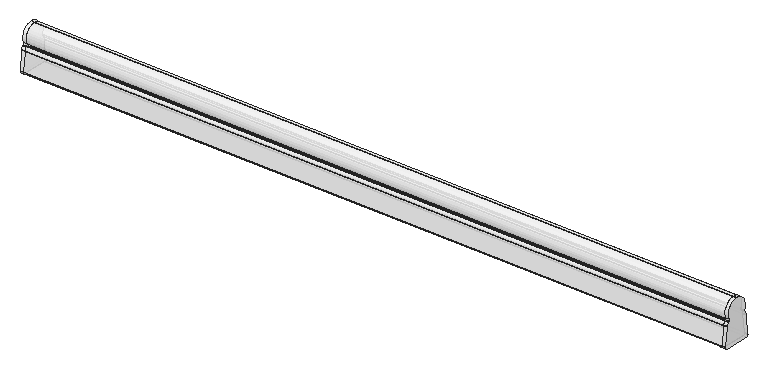
Revit family "0051027 Sylvania Lighting Fixture LED PIPE G2 L600 WW", category Lighting Fixtures, host Face, Revit 2016
Family settings
  Host = Face
  Part Type = Normal
  Round Connector Dimension = Use Diameter
  OmniClass Number = 23.80.70.00
  OmniClass Title = Lighting
  Cut with Voids When Loaded = No
  Light Source = Yes
  Shared = No
  Room Calculation Point = No
Parameters (values of type "0051027 LED PIPE G2 L600 WW")
  Width_SYL = 24 mm
  Weight = "3.58 kg"
  Wattage Comments = ""
  Wattage = 7 W
  WarrantyStartDate [instance] = "n/a"
  WarrantyGuarantorParts = "n/a"
  WarrantyDurationUnit = "n/a"
  WarrantyDurationParts = "n/a"
  WarrantyDescription = "n/a"
  built-in parameter 1150110 = 1 (stored number, unit not read)
  Voltage = 230 V
  URL = "http://www.sylvania-lighting.com"
  TypeName = "LED PIPE G2 L600 WW"
  Type Image = <None>
  Type Comments = "n/a"
  built-in parameter 1114217 = 1 (stored number, unit not read)
  Tilt Angle = -90.00°
  built-in parameter 1150109 = 1 (stored number, unit not read)
  built-in parameter 1150134 = (empty or 0)
  built-in parameter 1150113 = 1 (stored number, unit not read)
  SerialNumber [instance] = "n/a"
  RadiusTop_SYL = 9.1 mm
  RadiusSmall_SYL = 1.002 mm
  RadiusShoulder_SYL = 4.5 mm
  RadiusBottom_SYL = 1.5 mm
  Photometric Web File = "0051027.ies"
  Material_3_FEILO = none
  PowerFactor = 0.9
  PowerConsumption = "7 W"
  NominalLength = 600 mm
  NominalHeight = 35 mm
  NominalDepth = 24 mm
  Name = "LED PIPE G2 L600 WW"
  ModelReference = Name  # "LED PIPE G2 L600 WW"
  ModelNumber = "0051027"
  Model = Name  # "LED PIPE G2 L600 WW"
  Material = "pc housing, pc diffuser"
  ManufacturerName = "Feilo Sylvania"
  Manufacturer = "Feilo Sylvania"
  LuminousEfficacy = "90 lm/W"
  built-in parameter 1150105 = 128.29 (stored number, unit not read)
  Lumens = 630 lm
  LuminaireType = ""
  built-in parameter 1150115 = 1 (stored number, unit not read)
  LightOutputRatio = "n/a"
  built-in parameter 1150137 = (empty or 0)
  built-in parameter 1150139 = (empty or 0)
  Length_SYL = 600 mm
  LampsType = Lamp  # "LED"
  LampNominalLuminous = "630 lm"
  LampMacAdamStep = "6"
  LampColourTemperature = "3000 K"
  LampColourRenderingIndex = "80"
  built-in parameter 1150112 = 1 (stored number, unit not read)
  built-in parameter 1150114 = 1 (stored number, unit not read)
  Lamp = "LED"
  Keynote = "16500"
  InstallationDate [instance] = "n/a"
  InputVoltage = "220-240V~"
  InputNominalFrequency = "50/60 Hz"
  built-in parameter 1150132 = (empty or 0)
  built-in parameter 1150102 = (empty or 0)
  built-in parameter 1150107 = 3000 (stored number, unit not read)
  built-in parameter 1150138 = (empty or 0)
  IngressProtection = "IP20"
  ImpactProtectionIndex = "IK02"
  built-in parameter 1150106 = 1.2829 (stored number, unit not read)
  IfcExportType = "IfcLightFixtureType"
  IfcExportAs = "IfcLightFixtureType"
  Height_SYL = 35 mm
  ExpectedLife = 50000
  built-in parameter 1150127 = 10 mm
  Emit from Rectangle Length = Length_SYL - 6 mm  # 594 mm
  Emit Shape Visible in Rendering = no
  ElectricShockClassification = "Class II"
  built-in parameter 1150104 = 8.3613 (stored number, unit not read)
  DurationUnit = "hours"
  DocumentationLiterature = "http://www.sylvania-lighting.com/product/en-int/products/0051027"
  DimmingControlOptions = "n/a"
  Material_2_FEILO = LED-Sylvania-ledpipe
  Dimming Lamp Color Temperature Shift = <None>
  Description = "LED T5 replacement batten, seamless linking (up to 10M), Ideal for direct lighting such as under cabinet or in kitchens, 150 degree beam angle, includes switch, includes 0.30m stripped cable, white polycarbonate body, includes standard and tilting brackets"
  Default Elevation = 1219.2 mm
  CreatedOn = "6/11/2018"
  CreatedBy = "aron.fodor@sylvania-lighting.com"
  Cost = 0
  Color Filter = 16777215
  built-in parameter 1114216 [instance] = (empty or 0)
  ClassificationValue = "EF_70_80"
  ClassificationName = "Uniclass2015"
  Material_1_FEILO = Body-Sylvania-ledpipe
  BarCode [instance] = "n/a"
  built-in parameter 1114218 = 1 (stored number, unit not read)
  Emit from Rectangle Width = 3048 mm
  AssetType = "Fixed"
  AssetIdentifier [instance] = "n/a"
  Assembly Code = "D5020200"
  Apparent Load = 7 VA
  Material_4_FEILO = none
Reference planes
  plane 1 "Center (Front/Back)": y = 0
  plane 2: z = 0
  plane 3 "Center (Left/Right)": x = 0
  plane 4: y = 12
  plane 5: y = -12
  plane 6: z = 35
  plane 7: z = 25.8
  plane 8: y = -10
  plane 9: z = 18.8
  plane 10: z = 21
  plane 11: x = 300
  plane 12: x = -300
  plane 13: x = 297
  plane 14: x = -297
Forms (mm)
  Extrusion 1, solid, material "Body-Sylvania-ledpipe" <- "Material_1_FEILO"
    sketch origin (0, 0, 0) x (0, 1, 0) y (0, 0, 1)
      loop
        arc (-11.824, 1.659) -> (-11.447, 0.497) -> (-10.332, 0) r 1.5
        line (-10.332, 0) -> (10.332, 0)
        arc (10.332, 0) -> (11.447, 0.497) -> (11.824, 1.659) r 1.5
        line (11.824, 1.659) -> (10.168, 17.219)
        arc (10.168, 17.219) -> (9.754, 18.682) -> (8.875, 19.925) r 4.5
        line (8.875, 19.925) -> (8.294, 20.506)
        arc (8.294, 20.506) -> (8.012, 21.058) -> (8.109, 21.67) r 1.002
        arc (8.109, 21.67) -> (7.759, 30.556) -> (0, 34.9) r 9.1
        arc (0, 34.9) -> (-7.759, 30.556) -> (-8.109, 21.67) r 9.1
        arc (-8.109, 21.67) -> (-8.012, 21.058) -> (-8.294, 20.506) r 1.002
        line (-8.294, 20.506) -> (-8.875, 19.925)
        arc (-8.875, 19.925) -> (-9.754, 18.682) -> (-10.168, 17.219) r 4.5
        line (-10.168, 17.219) -> (-11.824, 1.659)
    from -297 to 297
  Extrusion 2, solid, material "Body-Sylvania-ledpipe" <- "Material_1_FEILO"
    sketch origin (297, -4572, 2609.058) x (0, 0, 1) y (0, -1, 0)
      loop
        arc (-2587.388, -4580.109) -> (-2578.502, -4579.759) -> (-2574.158, -4572) r 9.1
        arc (-2574.158, -4572) -> (-2578.502, -4564.241) -> (-2587.388, -4563.891) r 9.1
        arc (-2587.388, -4563.891) -> (-2588, -4563.988) -> (-2588.552, -4563.706) r 1.002
        line (-2588.552, -4563.706) -> (-2589.134, -4563.125)
        arc (-2589.134, -4563.125) -> (-2590.376, -4562.246) -> (-2591.84, -4561.832) r 4.5
        line (-2591.84, -4561.832) -> (-2607.399, -4560.176)
        arc (-2607.399, -4560.176) -> (-2608.561, -4560.553) -> (-2609.058, -4561.668) r 1.5
        line (-2609.058, -4561.668) -> (-2609.058, -4582.332)
        arc (-2609.058, -4582.332) -> (-2608.561, -4583.447) -> (-2607.399, -4583.824) r 1.5
        line (-2607.399, -4583.824) -> (-2591.84, -4582.168)
        arc (-2591.84, -4582.168) -> (-2590.376, -4581.754) -> (-2589.134, -4580.875) r 4.5
        line (-2589.134, -4580.875) -> (-2588.552, -4580.294)
        arc (-2588.552, -4580.294) -> (-2588, -4580.012) -> (-2587.388, -4580.109) r 1.002
    from 0 to 3
  Extrusion 3, solid, material "Body-Sylvania-ledpipe" <- "Material_1_FEILO"
    sketch origin (-297, -4572, 2609.058) x (0, 0, 1) y (0, -1, 0)
      loop
        arc (-2587.388, -4580.109) -> (-2578.502, -4579.759) -> (-2574.158, -4572) r 9.1
        arc (-2574.158, -4572) -> (-2578.502, -4564.241) -> (-2587.388, -4563.891) r 9.1
        arc (-2587.388, -4563.891) -> (-2588, -4563.988) -> (-2588.552, -4563.706) r 1.002
        line (-2588.552, -4563.706) -> (-2589.134, -4563.125)
        arc (-2589.134, -4563.125) -> (-2590.376, -4562.246) -> (-2591.84, -4561.832) r 4.5
        line (-2591.84, -4561.832) -> (-2607.399, -4560.176)
        arc (-2607.399, -4560.176) -> (-2608.561, -4560.553) -> (-2609.058, -4561.668) r 1.5
        line (-2609.058, -4561.668) -> (-2609.058, -4582.332)
        arc (-2609.058, -4582.332) -> (-2608.561, -4583.447) -> (-2607.399, -4583.824) r 1.5
        line (-2607.399, -4583.824) -> (-2591.84, -4582.168)
        arc (-2591.84, -4582.168) -> (-2590.376, -4581.754) -> (-2589.134, -4580.875) r 4.5
        line (-2589.134, -4580.875) -> (-2588.552, -4580.294)
        arc (-2588.552, -4580.294) -> (-2588, -4580.012) -> (-2587.388, -4580.109) r 1.002
    from 0 to -3
Lines and regions (mm)
  reference lines
    curve 1: circle (0, 0, 25.8) r 9.1 normal (1, 0, 0)
    curve 2: line (0, -12, 0) -> (0, -10, 18.8)
Dimensions and locks
  equal spacing: plane 5, plane 1 "Center (Front/Back)", plane 4
  "Width_SYL": plane 5 to plane 4
  "Height_SYL": plane 6 to plane 2
  locked: plane 6 to plane 7 at 9.2
  locked: plane 5 to plane 8 at 2
  locked: plane 7 to plane 9 at 7
  locked: plane 10 to plane 9 at 2.2
  equal spacing: plane 11, plane 3 "Center (Left/Right)", plane 12
  "Length_SYL": plane 11 to plane 12
  equal spacing: plane 13, plane 3 "Center (Left/Right)", plane 14
  locked: plane 14 to plane 12 at 3
  "RadiusTop_SYL": radius of curve 1
  "RadiusSmall_SYL": radius of Extrusion 1 sketch curve
  "RadiusShoulder_SYL": radius of Extrusion 1 sketch curve
  "RadiusTop_SYL": radius of Extrusion 1 sketch curve
  "RadiusBottom_SYL": radius of Extrusion 1 sketch curve  (x2)
  aligned and locked: plane 2 to host face
  aligned and locked: level to host face
  aligned and locked: plane 7 to curve 1
  aligned and locked: plane 1 "Center (Front/Back)" to curve 1
  aligned and locked: plane 8 to curve 2
  aligned and locked: curve 2 to Extrusion 1 sketch curve  (x2)
  aligned and locked: plane 7 to Extrusion 1 sketch curve
  aligned and locked: plane 1 "Center (Front/Back)" to Extrusion 1 sketch curve
  aligned and locked: Extrusion 1 sketch curve to level
  aligned and locked: plane 13 to Extrusion 1
  aligned and locked: Extrusion 1 to plane 14
  aligned and locked: Extrusion 2 sketch curve to Extrusion 1  (x8)
  aligned and locked: plane 11 to Extrusion 2
  aligned and locked: Extrusion 2 to Extrusion 1
  aligned and locked: Extrusion 3 sketch curve to Extrusion 2  (x8)
  aligned and locked: Extrusion 3 to Extrusion 1
  aligned and locked: Extrusion 3 to plane 12
  aligned and locked: imposter light to plane 1 "Center (Front/Back)"
  aligned and locked: plane 6 to imposter light
  aligned and locked: plane 3 "Center (Left/Right)" to imposter light
Automatic sketch dimensions
  host sketch curve to host sketch curve = 2438.4 mm  (x2)
  curve 2 to level = 0 mm
  curve 2 to plane 5 = 0 mm
  curve 2 to plane 9 = 0 mm
  Extrusion 1 sketch curve to Extrusion 1 sketch curve = 0 mm
  Extrusion 1 sketch curve to plane 5 = 0.176 mm
  plane 8 to Extrusion 1 sketch curve = 0.168 mm
  plane 10 to Extrusion 1 sketch curve = 0.215 mm  (x2)
  Extrusion 1 sketch curve to plane 8 = 0.998 mm
  Extrusion 1 sketch curve to plane 10 = 1.075 mm  (x2)
  Extrusion 1 sketch curve to plane 10 = 0.494 mm  (x2)
  Extrusion 1 sketch curve to plane 9 = 2.057 mm
  Extrusion 1 sketch curve to plane 1 "Center (Front/Back)" = 5.693 mm
  plane 4 to Extrusion 1 sketch curve = 3.706 mm
  Extrusion 1 sketch curve to Extrusion 1 sketch curve = 0.582 mm
  Extrusion 1 sketch curve to Extrusion 1 sketch curve = 0.709 mm
  Extrusion 1 sketch curve to plane 9 = 1.581 mm
  plane 4 to Extrusion 1 sketch curve = 1.668 mm
  plane 4 to Extrusion 1 sketch curve = 0.176 mm
  Extrusion 2 sketch curve to Extrusion 2 sketch curve = 0.159 mm
  Extrusion 2 sketch curve to plane 5 = 0.176 mm
  plane 8 to Extrusion 2 sketch curve = 0.168 mm
  Extrusion 2 sketch curve to plane 9 = 1.581 mm
  Extrusion 2 sketch curve to plane 10 = 0.494 mm  (x2)
  Extrusion 2 sketch curve to Extrusion 2 sketch curve = 0.127 mm
  Extrusion 2 sketch curve to Extrusion 2 sketch curve = 0.582 mm
  Extrusion 3 sketch curve to Extrusion 3 sketch curve = 0.159 mm
  Extrusion 3 sketch curve to plane 5 = 0.176 mm
  plane 8 to Extrusion 3 sketch curve = 0.168 mm
  Extrusion 3 sketch curve to plane 9 = 1.581 mm
  Extrusion 3 sketch curve to plane 10 = 0.494 mm  (x2)
  Extrusion 3 sketch curve to Extrusion 3 sketch curve = 0.127 mm
  Extrusion 3 sketch curve to Extrusion 3 sketch curve = 0.582 mm
Connectors
  electrical at (0, 0, 0), driven by "Apparent Load", driven by "PowerFactor", driven by "Voltage"
    settings: index 1, voltage 230 V, apparent load 7 VA, apparent load phase1 0 VA, apparent load phase2 0 VA, apparent load phase3 0 VA, power factor 0.9, load classification "Lighting", number of poles 1, system type 30, power factor state 1, is connector primary yes, connector utility no, sub classification motor no, connector description ""
